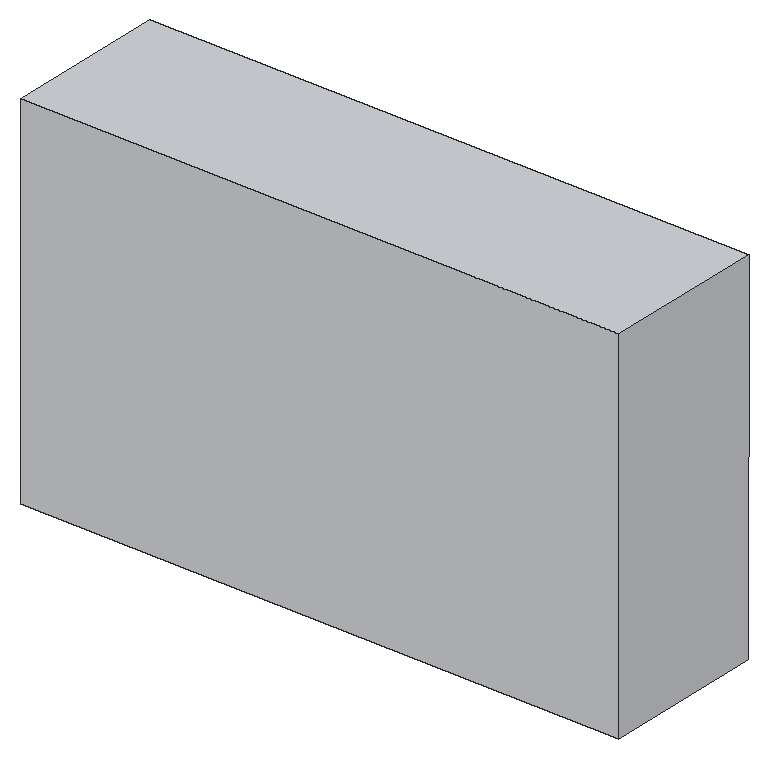
Revit family "Sub-Board", category Electrical Equipment, Revit 2025
Family settings
  Panel Configuration = Two Columns, Circuits Across
  Round Connector Dimension = Use Diameter
  Part Type = Panelboard
  OmniClass Number = 23.80.30.11.17
  OmniClass Title = Distribution Boards and Control Panels
  Work Plane-Based = No
  Always vertical = Yes
  Cut with Voids When Loaded = No
  Maintain Annotation Orientation = No
  Shared = No
  Room Calculation Point = No
Parameters
  built-in parameter 1140142 [instance] = -1
  built-in parameter 1140140 [instance] = 1 (stored number, unit not read)
  built-in parameter 1155100 [instance] = -1
  Default Elevation = 0 mm
Reference planes
  plane 1 "Center (Front/Back)": y = 0
  plane 2: z = 3
  plane 3 "Center (Left/Right)": x = 0
Forms (mm)
  Extrusion 1, solid
    sketch origin (0, 0, 0) x (1, 0, 0) y (0, 0, 1)
      loop
        line (0, 1280) -> (360, 1280) -> (360, 1498.139) -> (0, 1498.139) -> (0, 1280)
    from 0 to 97
Dimensions and locks
  aligned and locked: level to plane 2
